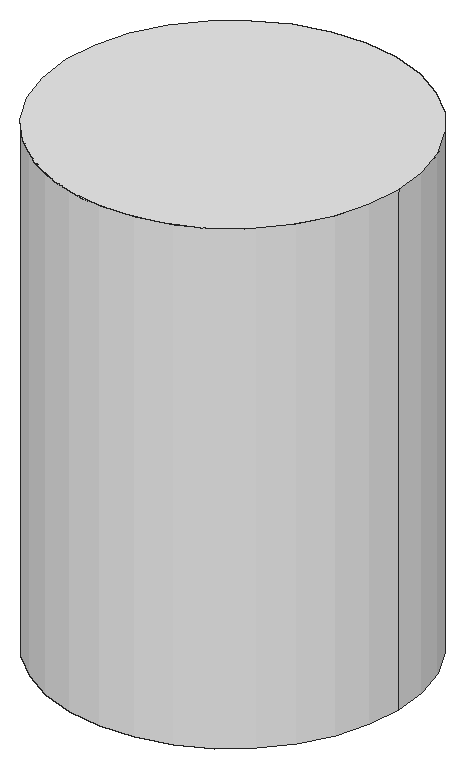
Revit family "FOCUS-R90", category Осветительные приборы, Revit 2017
Family settings
  Размер круглого соединителя = Использовать диаметр
  Тип детали = Нормальный
  На основе рабочей плоскости = Нет
  Всегда вертикально = Да
  При загрузке вырезать с полостями = Нет
  Источник света = Да
  Общий = Нет
  Точка расчета площади = Нет
Parameters (values of type "021064 Светильник SP-FOCUS-R90-9W Warm White")
  built-in parameter 1150104 = 13.8 (stored number, unit not read)
  built-in parameter 1150134 = (empty or 0)
  Файл фотометрической сетки = "021064_SP-FOCUS-R90-9W Warm White 3000.ies"
  Tilt Angle = 90.00°
  built-in parameter 1150137 = (empty or 0)
  built-in parameter 1150132 = 2
  built-in parameter 1150114 = 1 (stored number, unit not read)
  Dimming Lamp Color Temperature Shift = (empty or 0)
  built-in parameter 1150105 = 64.458 (stored number, unit not read)
  Color Filter = 16777215
  Lumens = 810 lm
  Разработчик (телефон) = "+7 (495) 781-05-35"  # constant formula
  Разработчик (e-mail) = "info@constructor.ru"  # constant formula
  Разработчик (URL) = "https://constructor.ru/"  # constant formula
  Разработчик = "НТЦ Конструктор"  # constant formula
  built-in parameter 1150109 = 1 (stored number, unit not read)
  built-in parameter 1150112 = 1 (stored number, unit not read)
  built-in parameter 1150110 = 1 (stored number, unit not read)
  built-in parameter 1150113 = 1 (stored number, unit not read)
  built-in parameter 1150115 = 1 (stored number, unit not read)
  built-in parameter 1114218 = 1 (stored number, unit not read)
  built-in parameter 1114217 = 1 (stored number, unit not read)
  Apparent Load = ADSK_Номинальная мощность / ADSK_Коэффициент мощности  # 18 VA
  built-in parameter 1150106 = 0.64458 (stored number, unit not read)
  Описание = "Накладной светильник 9 Вт, белый корпус цилиндр. Цвет ТЕПЛЫЙ БЕЛЫЙ 3000K, св.поток 720-810лм, CRI(Ra)>80, наклоняемая ось, угол 24°. Размер Ф90x126 мм. Питание AC 180-240V, 9 Вт, встроенный драйвер (DC 200mA 20-40V)."
  built-in parameter 1150133 = 10 (stored number, unit not read)
  Wattage = 5.453 W
  built-in parameter 1150139 = (empty or 0)
  Контакты ООО "Арлайт РУС" для получения счёта = "roman@transistor.ru, T +7 495 926 56 50 (доб.1115), моб. +7 (925) 871-32-07"  # constant formula
  Комментарии к типоразмеру = "Арт. 021064"
  built-in parameter 1150138 = (empty or 0)
  built-in parameter 1150107 = 3000 (stored number, unit not read)
  built-in parameter 1150102 = (empty or 0)
  Emit from Circle Diameter = 45 mm
  Изготовитель (телефон) = "8 800 505 26 29"  # constant formula
  Изготовитель (сайт) = "www.arlight.ru"  # constant formula
  Изготовитель = "ARLIGHT"  # constant formula
  Группа модели = "Светильники"  # constant formula
  Видимая форма излучения при визуализации = no
  URL = "https://arlight.ru/catalog/product/svetilnik-sp-focus-r90-9w-warm-white-021064/"
  ARL_Цвет свечения = "Теплый 3000K"
  ARL_Цвет покрытия = "Белый"
  ARL_Угол обзора = "24°"
  ARL_Тип товара = "Светильник"
  ARL_Способ монтажа = "Накладной"
  ARL_Серия = "FOCUS\r\nFOCUS"
  ARL_Рабочая температура окружающей среды = "-10...+50 °C"
  ARL_Обозначение корпуса = "Корпус цилиндр, металл, цвет белый"
  ARL_Область использования = "Для основного, декоративного и акцентного освещения в жилых, офисных, торговых, выставочных и других помещениях"
  ARL_Материал корпуса = Металл, белый
  ARL_Класс пылевлагозащиты = "IP20"
  ARL_Класс защиты от поражения электрическим током = "II"
  ARL_Индекс цветопередачи = ">80"
  ARL_Драйвер = "Встроенный (DC 200mA 20-40V)"
  ADSK_Ток = ADSK_Номинальная мощность / (ADSK_Коэффициент мощности * ADSK_Напряжение * sqrt(ADSK_Количество фаз числовое))  # 0.0782609 A
  ADSK_Размер_Диаметр = 90 mm
  ADSK_Размер_Высота = 126 mm
  ADSK_Примечание = ""
  ADSK_Полная мощность = ADSK_Номинальная мощность / ADSK_Коэффициент мощности  # 18 VA
  ADSK_Позиция [instance] = ""
  ADSK_Номинальная мощность = 9 W
  ADSK_Напряжение = 230 V
  ADSK_Наименование = "Светильник"
  ADSK_Масса_Текст = "0.81"
  ADSK_Марка = "SP-FOCUS-R90-9W Warm White"
  ADSK_Коэффициент мощности = 0.5
  ADSK_Количество фаз числовое = 1
  ADSK_Количество фаз = 1
  ADSK_Код изделия = Комментарии к типоразмеру  # "Арт. 021064"
  ADSK_Классификация нагрузок = Освещение
  ADSK_Завод-изготовитель = Изготовитель  # "ARLIGHT"
  ADSK_Единица измерения = "шт."
Types (5, lengths in mm): name | built-in parameter 1150134 | Файл фотометрической сетки | Описание | Комментарии к типоразмеру | built-in parameter 1150107 | Emit from Circle Diameter | URL | ARL_Цвет свечения | ARL_Цвет покрытия | ARL_Обозначение корпуса | ARL_Материал корпуса | ADSK_Марка | ADSK_Код изделия
  021425 Светильник SP-FOCUS-R90-9W White | 5 | "021425_SP-FOCUS-R90-9W White.ies" | "Накладной светильник 9 Вт, белый корпус цилиндр. Цвет БЕЛЫЙ 6000K, св.поток 720-810лм, CRI(Ra)>80, наклоняемая ось, угол 24°. Размер Ф90x126 мм. Питание AC 180-240V, 9 Вт, встроенный драйвер (DC 200mA 20-40V)." | "Арт. 021425" | 6000 (stored number, unit not read) | 50 | "https://arlight.ru/catalog/product/svetilnik-sp-focus-r90-9w-white-021425/" | "Белый 6000K" | "Белый" | "Корпус цилиндр, металл, цвет белый" | Металл, белый | "SP-FOCUS-R90-9W White" | "Арт. 021425"
  021424 Светильник SP-FOCUS-R90-9W Day White | 12 | "021424_SP-FOCUS-R90-9W Day White 4000.ies" | "Накладной светильник 9 Вт, белый корпус цилиндр. Цвет ДНЕВНОЙ БЕЛЫЙ 4000K, св.поток 720-810лм, CRI(Ra)>80, наклоняемая ось, угол 24°. Размер Ф90x126 мм. Питание AC 180-240V, 9 Вт, встроенный драйвер." | "Арт. 021424" | 4000 (stored number, unit not read) | 45 | "https://arlight.ru/catalog/product/svetilnik-sp-focus-r90-9w-day-white-021424/" | "Дневной 4000K" | "Белый" | "Корпус цилиндр, металл, цвет белый" | Металл, белый | "SP-FOCUS-R90-9W Day White" | "Арт. 021424"
  021064 Светильник SP-FOCUS-R90-9W Warm White | (empty or 0) | "021064_SP-FOCUS-R90-9W Warm White 3000.ies" | "Накладной светильник 9 Вт, белый корпус цилиндр. Цвет ТЕПЛЫЙ БЕЛЫЙ 3000K, св.поток 720-810лм, CRI(Ra)>80, наклоняемая ось, угол 24°. Размер Ф90x126 мм. Питание AC 180-240V, 9 Вт, встроенный драйвер (DC 200mA 20-40V)." | "Арт. 021064" | 3000 (stored number, unit not read) | 45 | "https://arlight.ru/catalog/product/svetilnik-sp-focus-r90-9w-warm-white-021064/" | "Теплый 3000K" | "Белый" | "Корпус цилиндр, металл, цвет белый" | Металл, белый | "SP-FOCUS-R90-9W Warm White" | "Арт. 021064"
  029530 Светильник SP-FOCUS-R90-9W Day4000 (BK, 24 deg, 230V) | 12 | "029530_SP-FOCUS-R90-9W Day4000 (BK, 24 d, 230V).ies" | "Накладной светильник 9 Вт, черный корпус цилиндр. Цвет ДНЕВНОЙ 4000K, св.поток 720-810лм, CRI(Ra)>80, наклоняемая ось, угол 24°. Размер Ф90x126 мм. Питание AC 180-240V, 9 Вт, встроенный драйвер (DC 200mA 20-40V)." | "Арт. 029530" | 4000 (stored number, unit not read) | 45 | "https://arlight.ru/catalog/product/svetilnik-sp-focus-r90-9w-day4000-bk-24-deg-230v-029530/" | "Дневной 4000K" | "Черный" | "Корпус цилиндр, металл, цвет черный" | Металл, чёрный | "SP-FOCUS-R90-9W Day4000" | "Арт. 029530"
  029531 Светильник SP-FOCUS-R90-9W Warm3000 (BK, 24 deg, 230V) | (empty or 0) | "029531_SP-FOCUS-R90-9W Warm3000 (BK, 24 d, 230V).ies" | "Накладной светильник 9 Вт, черный корпус цилиндр. Цвет ТЕПЛЫЙ 3000K, св.поток 720-810лм, CRI(Ra)>80, наклоняемая ось, угол 24°. Размер Ф90x126 мм. Питание AC 180-240V, 9 Вт, встроенный драйвер (DC 200mA 20-40V)." | "Арт. 029531" | 3000 (stored number, unit not read) | 45 | "https://arlight.ru/catalog/product/svetilnik-sp-focus-r90-9w-warm3000-bk-24-deg-230v-029531/" | "Теплый 3000K" | "Черный" | "Корпус цилиндр, металл, цвет черный" | Металл, чёрный | "SP-FOCUS-R90-9W Warm3000" | "Арт. 029531"
Reference planes
  plane 1 "По центру (Вперед/Назад)": y = 0
  plane 2: z = 0
  plane 3 "По центру (Влево/Вправо)": x = 0
  plane 4: x = -45
  plane 5: x = 45
  plane 6: y = 45
  plane 7: y = -45
  plane 8: z = -126
Forms (mm)
  Extrusion 1, solid, material "Металл, белый" <- "ARL_Материал корпуса", detail levels medium+fine
    sketch origin (0, 0, 0) x (1, 0, 0) y (0, 1, 0)
      loop
        circle (0, 0) r 45
    from 0 to -126
  Extrusion 2, void, detail levels fine
    sketch origin (0, 0, 0) x (1, 0, 0) y (0, 1, 0)
      loop
        circle (0, 0) r 31
    from -128.556 to -99.478
  Extrusion 3, void, detail levels fine
    sketch origin (0, 0, 0) x (1, 0, 0) y (0, 1, 0)
      loop
        circle (0, 0) r 31
    from -126 to -97.111
  Revolve 4, solid, material "Пластмасса, непрозрачная, белая", detail levels fine
    sketch origin (0, 0, 0) x (1, 0, 0) y (0, 0, 1)
      loop
        arc (0, -101) -> (-17.678, -108.322) -> (-25, -126) r 25
        line (-25, -126) -> (-22.995, -126)
        arc (-22.995, -126) -> (-16.26, -109.74) -> (0, -103.005) r 22.995
        line (0, -103.005) -> (0, -101)
      axis (0, -126) -> (0, -101)
    angle from 0 to 360
  Extrusion 5, solid, material "Металл, белый" <- "ARL_Материал корпуса", detail levels medium+fine
    sketch origin (0, 0, 0) x (1, 0, 0) y (0, 1, 0)
      loop
        circle (0, 0) r 30
      loop
        circle (0, 0) r 25
    from -126 to -97.111
  Extrusion 6, solid, material "Металл, белый" <- "ARL_Материал корпуса", detail levels coarse
    sketch origin (0, 0, 0) x (1, 0, 0) y (0, 1, 0)
      loop
        circle (0, 0) r 45
    from 0 to -126
Cuts and joins
  Extrusion 2, Extrusion 3 cuts Extrusion 1
Dimensions and locks
  "ADSK_Размер_Высота": plane 2 to plane 8
  "ADSK_Размер_Диаметр": plane 4 to plane 5
  aligned and locked: level to plane 2
  aligned and locked: Extrusion 1 to plane 8
  aligned and locked: Extrusion 5 to plane 8
Automatic sketch dimensions
  plane 1 "По центру (Вперед/Назад)" to Extrusion 1 sketch curve = 0 mm
  Extrusion 1 sketch curve to plane 3 "По центру (Влево/Вправо)" = 0 mm
  plane 1 "По центру (Вперед/Назад)" to Extrusion 2 sketch curve = 0 mm
  Extrusion 2 sketch curve to plane 3 "По центру (Влево/Вправо)" = 0 mm
  plane 1 "По центру (Вперед/Назад)" to Extrusion 3 sketch curve = 0 mm
  Extrusion 3 sketch curve to plane 3 "По центру (Влево/Вправо)" = 0 mm
  Revolve 4 sketch curve to Revolve 4 sketch curve = 0 mm  (x2)
  Revolve 4 sketch curve to plane 8 = 0 mm
  Revolve 4 sketch curve to plane 3 "По центру (Влево/Вправо)" = 0 mm  (x2)
  plane 4 to Revolve 4 sketch curve = 22.005 mm
  Revolve 4 sketch curve to Revolve 4 sketch curve = 2.005 mm
  Revolve 4 sketch curve to Revolve 4 sketch curve = 304.8 mm
  level to Revolve 4 sketch curve = 169.8 mm
  Extrusion 5 sketch curve to Extrusion 5 sketch curve = 0 mm  (x2)
  plane 1 "По центру (Вперед/Назад)" to Extrusion 5 sketch curve = 0 mm
  Extrusion 5 sketch curve to plane 3 "По центру (Влево/Вправо)" = 0 mm
  Extrusion 6 sketch curve to plane 3 "По центру (Влево/Вправо)" = 0 mm
  plane 7 to Extrusion 6 sketch curve = 45 mm
  radius of Extrusion 1 sketch curve = 45 mm
  radius of Extrusion 2 sketch curve = 31 mm
  radius of Extrusion 3 sketch curve = 31 mm
  radius of Extrusion 5 sketch curve = 30 mm
  radius of Extrusion 5 sketch curve = 25 mm
  radius of Extrusion 6 sketch curve = 45 mm
Nested families
  nested 1: "УГО" at (0, 0, 0), type "УГО", detail levels coarse
Connectors
  electrical at (0, 0, 0), driven by "ADSK_Количество фаз", driven by "ADSK_Напряжение", driven by "ADSK_Полная мощность", driven by "ADSK_Коэффициент мощности"
    settings: on cut or joined group of Extrusion 1, Extrusion 2, Extrusion 3, index 1, voltage 230 V, apparent load 18 VA, apparent load phase1 0 VA, apparent load phase2 0 VA, apparent load phase3 0 VA, power factor 0.5, load classification "Освещение", number of poles 1, system type 30, power factor state 1, is connector primary yes, connector utility no, sub classification motor no, connector description ""
Definition of nested family "УГО"
  Reference planes
    plane 1: y = 0
    plane 2: x = 0
  Lines and regions (mm)
    detail lines
      curve 1: circle (0, 0, 0) r 2.462 normal (0, 0, 1)
      curve 2: line (1, 2.25, 0) -> (1, -2.25, 0)
      curve 3: line (-1, 2.25, 0) -> (-1, -2.25, 0)
